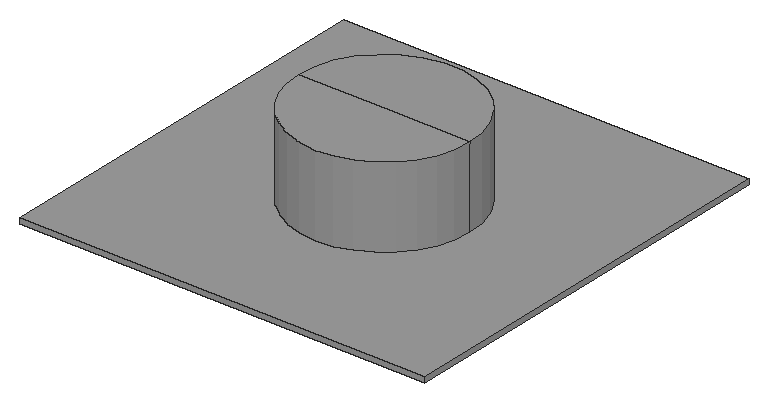
Revit family "Flashing_Preformed_Hyload_NutCover", category Generic Models, Revit 2015
Parameters (values of type "As Specified")
  Unit Width = 0' - 5"
  Unit Height = 0' - 1"
  Unit Depth = 0' - 5"
  URL = "http://www.hyload.com/"
  Thickness = 0' - 0 1/16"
  Specification = "http://www.arcat.com/sdspecs/htm04/07_65_00hyl.htm"
  Sales Information = "http://www.hyload.com/contact-us"
  Revision = "R1_12-2015"
  Product Properties = "http://www.hyload.com/masonry-flashing/preformed-shapes/"
  Product Data = "http://www.arcat.com/arcatcos/cos33/arc33176.html"
  Model = "Nut Cover"
  Manufacturer Website = "http://www.hyload.com/"
  Manufacturer Phone - Toll Free = "800-457-4056"
  Manufacturer Phone = "330-769-3546"
  Manufacturer Fax = "330-769-4153"
  Manufacturer Address = "5020 Panther Pkwy., Seville, OH 44273"
  Manufacturer = "Hyload"
  Keynote = "07 65 00"
  Hole Radius = 0' - 1"
  Flashing Material = Hyload Flashing Membrane - Grey
  Drawn By = "Robert S. Weygant / Sumex Design"
  Description = "Preformed Hyload Masonry Flashing - Nut Cover"
  Copyright = "(c) ARCAT, Inc, 2015"
  Construction Details = "http://www.arcat.com/details/hyload/hyload.html?coid=33176"
  Assembly Code = "B3010400"
Reference planes (in)
  plane 1 "Center (Front/Back)": y = 0
  plane 2: z = 0
  plane 3 "Center (Left/Right)": x = 0
  plane 4: y = 2.5
  plane 5: x = 2.5
  plane 6: z = 1
  plane 7: x = -2.5
  plane 8: y = -2.5
Forms (in)
  Extrusion 1, solid, material "Hyload Flashing Membrane - Grey" <- "Flashing Material"
    sketch origin (0, 0, 0) x (1, 0, 0) y (0, 1, 0)
      loop
        line (-2.5, 2.5) -> (-2.5, -2.5) -> (2.5, -2.5) -> (2.5, 2.5) -> (-2.5, 2.5)
      loop
        circle (0, 0) r 1
    from 0 to 0.0625 <- "Thickness"
  Revolve 2, solid, material "Hyload Flashing Membrane - Grey" <- "Flashing Material"
    sketch origin (0, 0, 0) x (1, 0, 0) y (0, 0, 1)
      loop
        line (0, 1) -> (0, 1.0625) -> (-1.0625, 1.0625) -> (-1.0625, 0.0625) -> (-1, 0.0625) -> (-1, 1) -> (0, 1)
      axis (0, 1.0625) -> (0, 0.0625)
    angle from 0 to 360
Dimensions and locks (in)
  "Unit Height": plane 6 to level
  equal spacing: plane 7, plane 3 "Center (Left/Right)", plane 5
  equal spacing: plane 4, plane 1 "Center (Front/Back)", plane 8
  "Unit Width": plane 7 to plane 5
  "Unit Depth": plane 4 to plane 8
  "Hole Radius": plane 3 "Center (Left/Right)" to Revolve 2 sketch curve
  "Thickness": Revolve 2 sketch curve to plane 6
  "Thickness": Revolve 2 sketch curve to Revolve 2 sketch curve
  "Hole Radius": radius of Extrusion 1 sketch curve
  aligned and locked: plane 2 to level
  aligned and locked: Extrusion 1 sketch curve to plane 4
  aligned and locked: Extrusion 1 sketch curve to plane 5
  aligned and locked: plane 8 to Extrusion 1 sketch curve
  aligned and locked: plane 7 to Extrusion 1 sketch curve
  aligned and locked: plane 1 "Center (Front/Back)" to Extrusion 1 sketch curve
  aligned and locked: plane 3 "Center (Left/Right)" to Extrusion 1 sketch curve
  aligned and locked: Revolve 2 sketch curve to plane 3 "Center (Left/Right)"  (x2)
  aligned and locked: plane 6 to Revolve 2 sketch curve
  aligned and locked: Extrusion 1 to Revolve 2 sketch curve
Automatic sketch dimensions
  Revolve 2 sketch curve to level = 2' - 0"
  Revolve 2 sketch curve to Revolve 2 sketch curve = 8' - 5.65632"
